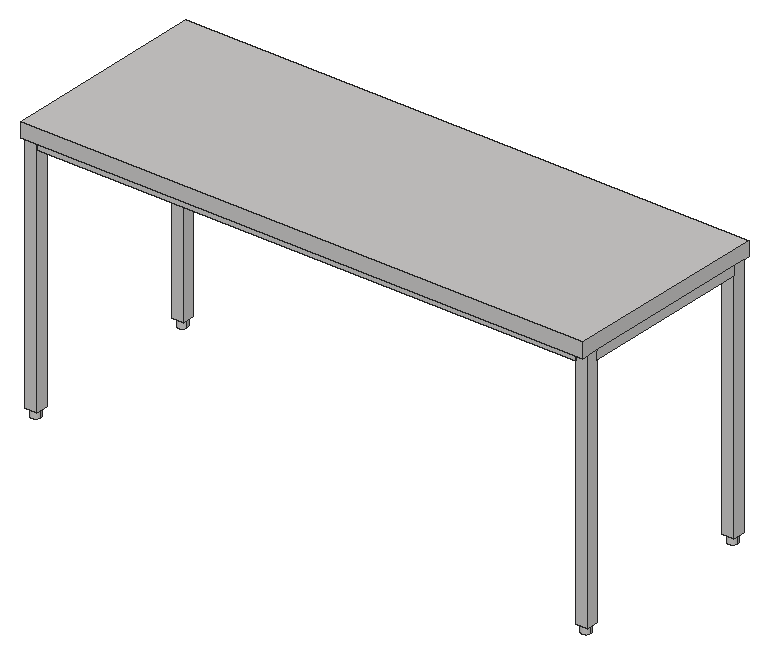
Revit family "QF_ELECTROLUXPROFESSIONAL_134009_GTG1900E", category Attrezzature speciali, Revit 2020
Family settings
  Quota connettore circolare = Usa diametro
  Tipo di parte = Normale
  Basato su piano di lavoro = No
  Sempre verticale = Sì
  Taglio con vuoti quando caricato = No
  Condiviso = No
  Punto di calcolo locali = No
Parameters (values of type "Standard")
  Weight = 52.00 kg
  Watts = 0 W
  Volts = 0 V
  URL Manufacturer = "https://www.electroluxprofessional.com/"
  URL = "https://www.electroluxprofessional.com/"
  Steam Supply Size = 0 mm
  Steam Supply Minimum Pressure = 0.0 Pa
  Steam Supply Maximum Pressure = 0.0 Pa
  Steam Consumption per Hour = 0
  Refrigeration Suction Line Size = 0.0 mm
  Refrigeration Liquid Line Size = 0.0 mm
  Refrigerant Compressor Remote = yes
  Prospetto di default = 0.0 mm
  Produttore = "Electrolux Professional"
  Phase = 0
  Modello = "GTG1900E"
  Length Actual = 1900.0 mm  # constant formula
  Item Number = "134009"
  Hot Water Size = 0 mm
  Height Actual = 900.0 mm  # constant formula
  HP = "0 HP"
  Gas Size = 0 mm
  Gas KW = 0
  Gas Input Pressure = 0 W
  Direct Waste Size = 0 mm
  Descrizione = "WORK TABLE 1900 MM"
  Depth Actual = 700.0 mm  # constant formula
  Cycle = 0 Hz
  Condensate Return Size = 0 mm
  Compressed Air Volume = 0.0 L/s
  Compressed Air Size = 0 mm
  Compressed Air Pressure = 0.0 Pa
  Cold Water Size = 0 mm
  Accessory = yes
Reference planes
  plane 1 "Center (Front/Back)": y = 0
  plane 2: z = 0
  plane 3 "Center (Left/Right)": x = -450
  plane 4 "LEFT": x = -1400
  plane 5 "RIGHT": x = 500
  plane 6 "BACK": y = 350
  plane 7 "FRONT": y = -350
  plane 8 "Base": z = 850
  plane 9 "TOP": z = 900
  plane 10: x = -1380
  plane 11: x = 480
  plane 12: y = 310
  plane 13: y = -310
  plane 14 "TRAVERSI": z = 820
  plane 15: x = -1360
  plane 16: x = 460
  plane 17: y = 290
  plane 18: y = -290
  plane 19: y = 330
  plane 20: y = -330
Forms (mm)
  Extrusion 1, solid, material "QF_Finishes_Stainless Steel"
    sketch origin (-450, 0, 0) x (0, 1, 0) y (0, 0, 1)
      loop
        line (-350, 850) -> (350, 850) -> (350, 900) -> (-350, 900) -> (-350, 850)
    from 950 to -950
  Extrusion 2, solid, material "QF_Finishes_Stainless Steel"
    sketch origin (0, 0, 820) x (0, 1, 0) y (-1, 0, 0)
      loop
        line (290, -460) -> (-290, -460) -> (-290, -500) -> (290, -500) -> (290, -460)
      loop
        line (290, 1400) -> (-290, 1400) -> (-290, 1360) -> (290, 1360) -> (290, 1400)
    from 0 to 30
  Extrusion 3, solid, material "QF_Finishes_Stainless Steel"
    sketch origin (0, 0, 820) x (0, 1, 0) y (-1, 0, 0)
      loop
        line (330, -460) -> (330, 1360) -> (290, 1360) -> (290, -460) -> (330, -460)
      loop
        line (-290, 1360) -> (-330, 1360) -> (-330, -460) -> (-290, -460) -> (-290, 1360)
    from 0 to 30
Lines and regions (mm)
  symbolic lines
    curve 1: line (500, 350, 900) -> (-1400, 350, 900)
    curve 2: line (-1400, 350, 900) -> (-1400, -350, 900)
    curve 3: line (-1400, -350, 900) -> (500, -350, 900)
    curve 4: line (500, -350, 900) -> (500, 350, 900)
Dimensions and locks
  plane 4 "LEFT" to plane 5 "RIGHT" = 1900.0 mm
  equal spacing: plane 4 "LEFT", plane 3 "Center (Left/Right)", plane 5 "RIGHT"
  locked: plane 8 "Base" to level at 850
  plane 4 "LEFT" to plane 10 = 20.0 mm
  plane 11 to plane 5 "RIGHT" = 20.0 mm
  plane 10 to plane 11 = 1860.0 mm
  locked: plane 9 "TOP" to level at 900
  plane 6 "BACK" to plane 12 = 40.0 mm
  plane 13 to plane 7 "FRONT" = 40.0 mm
  plane 6 "BACK" to plane 7 "FRONT" = 700.0 mm
  plane 12 to plane 13 = 620.0 mm
  equal spacing: plane 6 "BACK", plane 1 "Center (Front/Back)", plane 7 "FRONT"
  plane 8 "Base" to plane 14 "TRAVERSI" = 30.0 mm
  locked: plane 10 to plane 15 at 20
  locked: plane 16 to plane 11 at 20
  locked: plane 19 to plane 12 at 20
  locked: plane 12 to plane 17 at 20
  locked: plane 18 to plane 13 at 20
  locked: plane 13 to plane 20 at 20
  aligned and locked: level to plane 2
  aligned and locked: plane 10 to nested 1
  aligned and locked: nested 1 to plane 13
  aligned and locked: plane 11 to nested 2
  aligned and locked: nested 2 to plane 13
  aligned and locked: plane 11 to nested 4
  aligned and locked: nested 4 to plane 12
  aligned and locked: plane 10 to nested 3
  aligned and locked: nested 3 to plane 12
  aligned and locked: Extrusion 1 to plane 4 "LEFT"
  aligned and locked: plane 5 "RIGHT" to Extrusion 1
  aligned and locked: curve 2 to plane 4 "LEFT"
  aligned and locked: Extrusion 2 sketch curve to plane 5 "RIGHT"
  aligned and locked: Extrusion 2 sketch curve to plane 17  (x2)
  aligned and locked: plane 16 to Extrusion 2 sketch curve
  aligned and locked: plane 18 to Extrusion 2 sketch curve  (x2)
  aligned and locked: plane 4 "LEFT" to Extrusion 2 sketch curve
  aligned and locked: Extrusion 2 sketch curve to plane 15
  aligned and locked: plane 19 to Extrusion 3 sketch curve
  aligned and locked: Extrusion 3 sketch curve to plane 17
  aligned and locked: Extrusion 3 sketch curve to plane 18
  aligned and locked: plane 20 to Extrusion 3 sketch curve
  aligned and locked: Extrusion 3 sketch curve to plane 15
  aligned and locked: plane 15 to Extrusion 3 sketch curve
  aligned and locked: plane 16 to Extrusion 3 sketch curve
  aligned and locked: Extrusion 3 sketch curve to plane 16
Automatic sketch dimensions
  Extrusion 1 sketch curve to plane 7 "FRONT" = 0.0 mm
  Extrusion 1 sketch curve to plane 8 "Base" = 0.0 mm
  curve 3 to plane 7 "FRONT" = 0.0 mm
  curve 4 to plane 6 "BACK" = 0.0 mm
  Extrusion 1 sketch curve to plane 9 "TOP" = 0.0 mm
  Extrusion 1 sketch curve to plane 6 "BACK" = 0.0 mm
  curve 4 to plane 5 "RIGHT" = 0.0 mm
Nested families
  nested 1: "FEET_40x40_R" at (-1380, -310, 0), type "FEET_40x40_R"
  nested 2: "FEET_40x40_R" at (480, -310, 0), type "FEET_40x40_R"
  nested 3: "FEET_40x40_R" at (-1380, 310, 0), type "FEET_40x40_R"
  nested 4: "FEET_40x40_R" at (480, 310, 0), type "FEET_40x40_R"
Definition of nested family "FEET_40x40_R"
  Parameters
    Default Elevation = 0.0 mm
    FEET = 850.0 mm
  Reference planes
    plane 1 "Center (Front/Back)": y = 0
    plane 2: z = 0
    plane 3 "Center (Left/Right)": x = 0
    plane 4: z = 850
  Forms (mm)
    Extrusion 1, solid
      sketch origin (0, 0, 0) x (1, 0, 0) y (0, 1, 0)
        loop
          line (-20, -20) -> (20, -20) -> (20, 20) -> (-20, 20) -> (-20, -20)
      from 25 to 850
    Extrusion 2, solid
      sketch origin (0, 0, 0) x (1, 0, 0) y (0, 1, 0)
        loop
          circle (0, 0) r 16
      from 0 to 25
  Lines and regions (mm)
    symbolic lines
      curve 1: line (0, -1.503, 0) -> (0, 1.508, 0)
      curve 2: line (1.561, 0, 0) -> (-1.439, 0, 0)
  Dimensions and locks
    "FEET": plane 4 to plane 2
    aligned and locked: level to plane 2
  Automatic sketch dimensions
    Extrusion 1 sketch curve to plane 3 "Center (Left/Right)" = 20.0 mm
    plane 3 "Center (Left/Right)" to Extrusion 1 sketch curve = 20.0 mm
    plane 1 "Center (Front/Back)" to Extrusion 1 sketch curve = 20.0 mm
    Extrusion 1 sketch curve to plane 1 "Center (Front/Back)" = 20.0 mm
    plane 1 "Center (Front/Back)" to Extrusion 2 sketch curve = 0.0 mm
    Extrusion 2 sketch curve to plane 3 "Center (Left/Right)" = 0.0 mm
    plane 1 "Center (Front/Back)" to curve 2 = 0.0 mm
    curve 1 to plane 3 "Center (Left/Right)" = 0.0 mm
    curve 2 to plane 3 "Center (Left/Right)" = 1.439 mm
    plane 3 "Center (Left/Right)" to curve 2 = 1.561 mm
    plane 1 "Center (Front/Back)" to curve 1 = 1.503 mm
    curve 1 to plane 1 "Center (Front/Back)" = 1.508 mm
    radius of Extrusion 2 sketch curve = 16.0 mm
